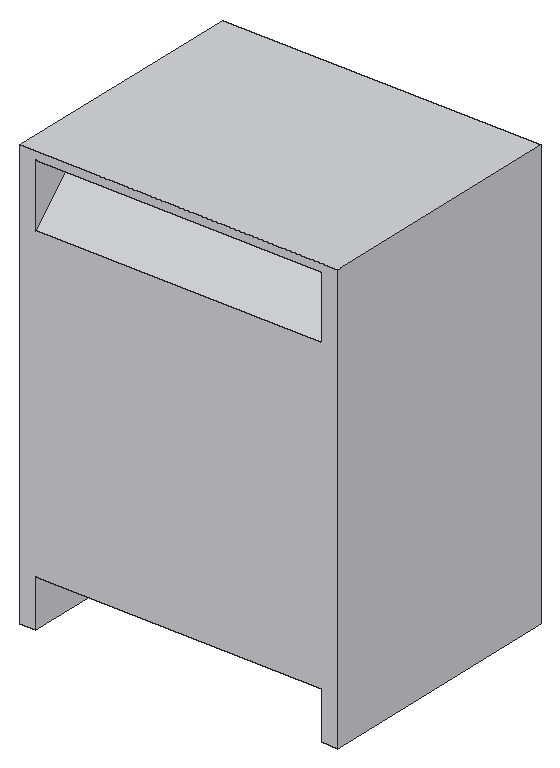
Revit family "M_Transformador tipo seco - 480-208Y120 - NEMA tipo 2", category Equipamento elétrico, Revit 2019
Family settings
  Cota do conector redondo = Utilizar diâmetro
  Tipo de parte = Transformador
  Número OmniClass = 23.80.10.14.11
  Título OmniClass = Power Transformers
  ID de item do Seek = Dry Type Transformer - 480-208Y120 - NEMA Type 2-0000-CAN-ENU
  Com base no plano de trabalho = Não
  Sempre na vertical = Sim
  Corte com vazios quando carregada = Não
  Compartilhado = Não
  Ponto de cálculo do ambiente = Não
Parameters (values of type "15 kVA")
  Material do transformador = none
  Comprimento do transformador = 508 mm
  Voltagem primária = 480 V
  Número primário dos pólos = 3
  built-in parameter 1140079 [instance] = 3
  Altura do transformador = 686 mm
  Classificação de carga = Transformador
  built-in parameter 1140083 [instance] = "Tipo 2"
  Largura do transformador = 406 mm
  built-in parameter 1140087 [instance] = 1
  Assembly Code = ""
Types (10, lengths in mm): name | Comprimento do transformador | Altura do transformador | Largura do transformador
  15 kVA | 508 | 686 | 406
  45 kVA | 508 | 762 | 508
  30 kVA | 508 | 686 | 406
  75 kVA | 508 | 762 | 508
  112.5 kVA | 762 | 940 | 610
  150 kVA | 813 | 1111 | 686
  225 kVA | 889 | 1257 | 724
  300 kVA | 1041 | 1257 | 813
  500 kVA | 1219 | 1803 | 914
  750 kVA | 1422 | 1880 | 1029
Reference planes
  plane 1 "Centro (Frente/Trás)": y = 384.716
  plane 2: z = 0
  plane 3 "Centro (Esquerda/Direita)": x = 0
  plane 4: x = -254
  plane 5: x = 254
  plane 6: y = -21.284
  plane 7: z = 686
  plane 8: x = -228.6
  plane 9: x = 228.6
  plane 10: z = 76.2
  plane 11: z = 673.3
  plane 12: y = 80.316
  plane 13: z = 571.7
  plane 14: y = 283.116
  plane 15: y = 308.516
  plane 16: z = 152.4
Forms (mm)
  Extrusion 1, solid, material <- "Material do transformador", detail levels fine
    sketch origin (0, 0, 0) x (1, 0, 0) y (0, 1, 0)
      loop
        line (-254, -21.284) -> (254, -21.284) -> (254, 384.716) -> (-254, 384.716) -> (-254, -21.284)
    from 0 to 686
  Extrusion 2, void
    sketch origin (0, 384.716, 0) x (1, 0, 0) y (0, 0, 1)
      loop
        line (-228.6, 76.2) -> (-228.6, 0) -> (228.6, 0) -> (228.6, 76.2) -> (-228.6, 76.2)
    from 0 to 406
  Extrusion 3, void
    sketch origin (0, 0, 0) x (0, 1, 0) y (0, 0, 1)
      loop
        line (-21.284, 673.3) -> (-21.284, 571.7) -> (80.316, 673.3) -> (-21.284, 673.3)
    from -228.6 to 228.6
  Extrusion 4, void
    sketch origin (0, 0, 0) x (0, 1, 0) y (0, 0, 1)
      loop
        line (384.716, 673.3) -> (283.116, 673.3) -> (384.716, 571.7) -> (384.716, 673.3)
    from -228.6 to 228.6
  Extrusion 5, solid, material <- "Material do transformador", detail levels coarse+medium
    sketch origin (1419.491, 945.699, 0) x (1, 0, 0) y (0, 1, 0)
      loop
        line (-1673.491, -560.983) -> (-1673.491, -966.983) -> (-1165.491, -966.983) -> (-1165.491, -560.983) -> (-1673.491, -560.983)
    from 0 to 686
Cuts and joins
  Extrusion 2, Extrusion 3, Extrusion 4 cuts Extrusion 1
Dimensions and locks
  equal spacing: plane 4, plane 3 "Centro (Esquerda/Direita)", plane 5
  "Comprimento do transformador": plane 4 to plane 5
  "Largura do transformador": plane 6 to plane 1 "Centro (Frente/Trás)"
  "Altura do transformador": plane 7 to plane 2
  locked: plane 4 to plane 8 at 25.4
  locked: plane 9 to plane 5 at 25.4
  locked: plane 10 to level at 76.2
  locked: plane 11 to plane 13 at 101.6
  locked: plane 7 to plane 11 at 12.7
  locked: plane 6 to plane 12 at 101.6
  locked: plane 14 to plane 1 "Centro (Frente/Trás)" at 101.6
  locked: plane 1 "Centro (Frente/Trás)" to plane 15 at 76.2
  locked: plane 16 to level at 152.4
  aligned and locked: plane 6 to Extrusion 1
  aligned and locked: Extrusion 1 to plane 4
  aligned and locked: plane 5 to Extrusion 1
  aligned and locked: plane 1 "Centro (Frente/Trás)" to Extrusion 1
  aligned and locked: plane 7 to Extrusion 1
  aligned and locked: plane 10 to Extrusion 2
  aligned and locked: plane 9 to Extrusion 2
  aligned and locked: Extrusion 2 to plane 8
  aligned and locked: Extrusion 2 to level
  aligned and locked: Extrusion 2 to plane 6
  aligned and locked: plane 1 "Centro (Frente/Trás)" to Extrusion 2
  aligned and locked: plane 11 to cut or joined group of Extrusion 1, Extrusion 2, Extrusion 3, Extrusion 4  (x2)
  aligned and locked: plane 6 to cut or joined group of Extrusion 1, Extrusion 2, Extrusion 3, Extrusion 4
  aligned and locked: plane 13 to cut or joined group of Extrusion 1, Extrusion 2, Extrusion 3, Extrusion 4  (x4)
  aligned and locked: plane 12 to cut or joined group of Extrusion 1, Extrusion 2, Extrusion 3, Extrusion 4
  aligned and locked: plane 9 to cut or joined group of Extrusion 1, Extrusion 2, Extrusion 3, Extrusion 4  (x2)
  aligned and locked: cut or joined group of Extrusion 1, Extrusion 2, Extrusion 3, Extrusion 4 to plane 8  (x2)
  aligned and locked: plane 1 "Centro (Frente/Trás)" to cut or joined group of Extrusion 1, Extrusion 2, Extrusion 3, Extrusion 4
  aligned and locked: plane 14 to cut or joined group of Extrusion 1, Extrusion 2, Extrusion 3, Extrusion 4
  aligned and locked: Extrusion 5 to plane 1 "Centro (Frente/Trás)"
  aligned and locked: Extrusion 5 to plane 6
  aligned and locked: plane 5 to Extrusion 5
  aligned and locked: Extrusion 5 to plane 4
  aligned and locked: Extrusion 5 to level
  aligned and locked: plane 7 to Extrusion 5
  aligned and locked: connector elem to plane 15
  aligned and locked: plane 16 to connector elem
Automatic sketch dimensions
  Extrusion 1 sketch curve to plane 1 "Centro (Frente/Trás)" = 0 mm
  Extrusion 1 sketch curve to plane 4 = 0 mm
  Extrusion 1 sketch curve to plane 5 = 0 mm
  Extrusion 1 sketch curve to plane 6 = 0 mm
  plane 4 to Extrusion 2 sketch curve = 25.4 mm
  Extrusion 2 sketch curve to Extrusion 2 sketch curve = 457.2 mm
  Extrusion 2 sketch curve to level = 0 mm
  level to Extrusion 2 sketch curve = 76.2 mm
  Extrusion 3 sketch curve to plane 6 = 0 mm
  Extrusion 3 sketch curve to plane 12 = 0 mm
  Extrusion 3 sketch curve to plane 13 = 0 mm
  Extrusion 3 sketch curve to plane 11 = 0 mm
  Extrusion 4 sketch curve to plane 11 = 0 mm
  Extrusion 4 sketch curve to plane 14 = 0 mm
  Extrusion 4 sketch curve to plane 1 "Centro (Frente/Trás)" = 0 mm
  Extrusion 4 sketch curve to plane 13 = 0 mm
  plane 4 to Extrusion 5 sketch curve = 0 mm
  Extrusion 5 sketch curve to Extrusion 5 sketch curve = 508 mm
  plane 6 to Extrusion 5 sketch curve = 0 mm
  Extrusion 5 sketch curve to Extrusion 5 sketch curve = 406 mm
Connectors
  electrical at (-254, 308.516, 152.4), driven by "Número primário dos pólos", driven by "Voltagem primária", driven by "Classificação de carga"
    settings: on plane 4, index 1, voltage 480 V, apparent load 0 VA, apparent load phase1 0 VA, apparent load phase2 0 VA, apparent load phase3 0 VA, power factor 1, load classification "Transformador", number of poles 3, system type 31, power factor state 1, is connector primary yes, connector utility no, sub classification motor no, connector description ""
  cabletrayconduit at (0, 181.716, 686), diameter 600
    settings: on cut or joined group of Extrusion 1, Extrusion 2, Extrusion 3, Extrusion 4, index 2, connector width 300 mm, connector height 300 mm, connector angle 0.00°, system type 32, placement type 1, profile type 0, connector reference index -1, is primary connector yes, connector utility param no, connector description ""
  cabletrayconduit at (-254, 181.716, 343), diameter 600
    settings: on cut or joined group of Extrusion 1, Extrusion 2, Extrusion 3, Extrusion 4, index 3, connector width 300 mm, connector height 300 mm, connector angle 0.00°, system type 32, placement type 1, profile type 0, connector reference index -1, is primary connector no, connector utility param no, connector description ""
  cabletrayconduit at (254, 181.716, 343), diameter 600
    settings: on cut or joined group of Extrusion 1, Extrusion 2, Extrusion 3, Extrusion 4, index 4, connector width 300 mm, connector height 300 mm, connector angle 0.00°, system type 32, placement type 1, profile type 0, connector reference index -1, is primary connector no, connector utility param no, connector description ""
  cabletrayconduit at (0, 384.716, 190.55), diameter 600
    settings: on cut or joined group of Extrusion 1, Extrusion 2, Extrusion 3, Extrusion 4, index 5, connector width 300 mm, connector height 300 mm, connector angle 0.00°, system type 32, placement type 1, profile type 0, connector reference index -1, is primary connector no, connector utility param no, connector description ""
  cabletrayconduit at (0, 181.716, 76.2), diameter 600
    settings: on cut or joined group of Extrusion 1, Extrusion 2, Extrusion 3, Extrusion 4, index 6, connector width 300 mm, connector height 300 mm, connector angle 0.00°, system type 32, placement type 1, profile type 0, connector reference index -1, is primary connector no, connector utility param no, connector description ""
